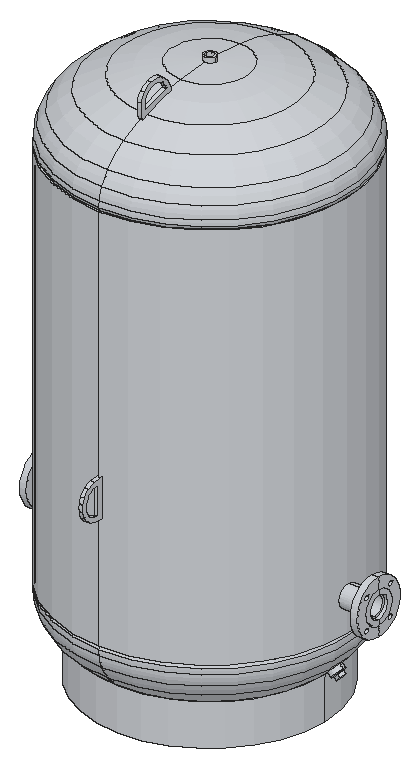
Revit family "CBT-300-2.5", category Generic Models, Revit 2014
Parameters (values of type "CBT-300-2.5")
  URL = "http://westank.com/"
  Tank Volume = 300.00 gal
  Part Number = 55360300
  Model = "CBT-300-2.5"
  Maximum Shipping Weight = 555 lbf
  Flange Connector Diameter = 2 1/2"
  Description = "Wessels ASME Chilled Water Buffer Tanks (CBT) are designed for chilled water systems with insufficient water volume capacity in relation to the chiller capacity."
  D = 14 1/4"
  C = 24"
  B = 72"
  A = 30"
Reference planes (in)
  plane 1 "Center (Front/Back)": y = 0
  plane 2: z = 0
  plane 3 "Center (Left/Right)": x = 0
  plane 4: through (12.55282, -180, 5.24135) normal (0.8192, 0, -0.5736)
  plane 5: x = -15
  plane 6: x = 15
  plane 7: z = 0
  plane 8: z = 72
  plane 9: y = 15
  plane 10: y = -15
  plane 11: x = -12
  plane 12: x = 12
  plane 13: z = 15.75
Forms (in)
  Revolve 1, solid
    sketch origin (0, -0.02461, 0) x (0, 1, 0) y (0, 0, 1)
      loop
        line (-17.97559, 11.40987) -> (-17.77585, 11.40987)
        arc (-17.77585, 11.40987) -> (-17.77901, 11.38745) -> (-17.78675, 11.36617) r 0.10832
        line (-17.78675, 11.36617) -> (-17.97559, 10.97899)
        arc (-17.97559, 10.97899) -> (-17.97692, 10.6034) -> (-17.93634, 10.23002) r 3.36112
        arc (-17.93634, 10.23002) -> (-17.83534, 9.45516) -> (-17.56075, 8.72359) r 3.4127
        arc (-17.56075, 8.72359) -> (-17.14884, 7.91952) -> (-16.63227, 7.17835) r 6.68364
        arc (-16.63227, 7.17835) -> (-15.41449, 5.9118) -> (-13.99078, 4.88214) r 9.83519
        arc (-13.99078, 4.88214) -> (-12.33964, 3.99029) -> (-10.62031, 3.23825) r 22.63963
        arc (-10.62031, 3.23825) -> (-7.74153, 2.33452) -> (-4.76815, 1.82164) r 22.63963
        arc (-4.76815, 1.82164) -> (-2.37465, 1.61295) -> (0.02461, 1.4865) r 70.02787
        line (0.02461, 1.4865) -> (0.02461, 1.65848)
        arc (0.02461, 1.65848) -> (-2.3657, 1.78462) -> (-4.75028, 1.99258) r 69.85599
        arc (-4.75028, 1.99258) -> (-7.70109, 2.50157) -> (-10.55801, 3.39844) r 22.46775
        arc (-10.55801, 3.39844) -> (-12.26429, 4.14477) -> (-13.9029, 5.02985) r 22.46775
        arc (-13.9029, 5.02985) -> (-15.30173, 6.04151) -> (-16.49823, 7.28593) r 9.66331
        arc (-16.49823, 7.28593) -> (-17.00303, 8.01057) -> (-17.40515, 8.79685) r 6.51177
        arc (-17.40515, 8.79685) -> (-17.66943, 9.50016) -> (-17.76465, 10.24543) r 3.24083
        arc (-17.76465, 10.24543) -> (-17.80397, 10.58906) -> (-17.80585, 10.93493) r 3.18924
        line (-17.80585, 10.93493) -> (-17.63227, 11.29083)
        arc (-17.63227, 11.29083) -> (-17.60804, 11.35818) -> (-17.59889, 11.42917) r 0.33041
        line (-17.59889, 11.42917) -> (-17.80365, 11.42917) -> (-17.80365, 62.07314) -> (-17.59889, 62.07314)
        arc (-17.59889, 62.07314) -> (-17.60804, 62.14413) -> (-17.63227, 62.21149) r 0.33041
        line (-17.63227, 62.21149) -> (-17.80585, 62.56739)
        arc (-17.80585, 62.56739) -> (-17.80397, 62.91325) -> (-17.76465, 63.25688) r 3.18924
        arc (-17.76465, 63.25688) -> (-17.66943, 64.00215) -> (-17.40515, 64.70547) r 3.24083
        arc (-17.40515, 64.70547) -> (-17.00303, 65.49175) -> (-16.49823, 66.21639) r 6.51177
        arc (-16.49823, 66.21639) -> (-15.30173, 67.4608) -> (-13.9029, 68.47247) r 9.66331
        arc (-13.9029, 68.47247) -> (-12.26429, 69.35755) -> (-10.55801, 70.10388) r 22.46775
        arc (-10.55801, 70.10388) -> (-7.70109, 71.00074) -> (-4.75028, 71.50973) r 22.46775
        arc (-4.75028, 71.50973) -> (-2.3657, 71.71769) -> (0.02461, 71.84383) r 69.85599
        line (0.02461, 71.84383) -> (0.02461, 72.01582)
        arc (0.02461, 72.01582) -> (-2.37465, 71.88936) -> (-4.76815, 71.68068) r 70.02787
        arc (-4.76815, 71.68068) -> (-7.74153, 71.16779) -> (-10.62031, 70.26407) r 22.63963
        arc (-10.62031, 70.26407) -> (-12.33964, 69.51203) -> (-13.99078, 68.62018) r 22.63963
        arc (-13.99078, 68.62018) -> (-15.41449, 67.59052) -> (-16.63227, 66.32397) r 9.83519
        arc (-16.63227, 66.32397) -> (-17.14884, 65.58279) -> (-17.56075, 64.77872) r 6.68364
        arc (-17.56075, 64.77872) -> (-17.83534, 64.04715) -> (-17.93634, 63.2723) r 3.4127
        arc (-17.93634, 63.2723) -> (-17.97692, 62.89891) -> (-17.97559, 62.52332) r 3.36112
        line (-17.97559, 62.52332) -> (-17.78675, 62.13614)
        arc (-17.78675, 62.13614) -> (-17.77901, 62.11486) -> (-17.77585, 62.09244) r 0.10832
        line (-17.77585, 62.09244) -> (-17.97559, 62.09244) -> (-17.97559, 11.40987)
      axis (0.02461, 1.4865) -> (0.02461, 72.01582)
    angle from 0 to 360
  Revolve 2, solid
    sketch origin (-3.00177, 0, 1.50063) x (-1, 0, 0) y (0, 0, 1)
      loop
        line (17.875, 12.8128) -> (17.875, 12.46883) -> (18.125, 12.46883) -> (18.125, 10.75084) -> (18.9375, 10.75084) -> (18.9375, 12.18553) -> (19, 12.18553) -> (19, 12.8128) -> (17.875, 12.8128)
      axis (19, 14.25013) -> (17.875, 14.25013)
    angle from 0 to 360
  Revolve 3, solid
    sketch origin (1.3363, 0, 3.22734) x (0.990227, 0, -0.139462) y (0.139462, 0, 0.990227)
      loop
        line (14.71753, 6.11956) -> (14.66586, 6.1556) -> (14.25436, 5.56561) -> (14.86992, 5.13627) -> (15.24588, 5.6753) -> (15.19462, 5.71106) -> (15.31904, 5.88945) -> (14.80641, 6.24699) -> (14.71753, 6.11956)
      axis (14.25436, 5.56561) -> (14.86992, 5.13627)
    angle from 0 to 360
  Extrusion 4, solid
    sketch origin (16.34383, -180, 7.28207) x (0.680558, 0, 0.732695) y (0, -1, 0)
      loop
        line (-0.16036, -179.52645) -> (-0.95521, -179.68698) -> (-0.79485, -180.48095) -> (0, -180.32042) -> (-0.16036, -179.52645)
    from 1.02698 to 1.52678
  Extrusion 5, solid
    sketch origin (0, -6.04905, 4.9833) x (0, 1, 0) y (0, 0, 1)
      loop
        line (-11.93439, 21.33067) -> (-11.93439, 26.202)
        arc (-11.93439, 26.202) -> (-12.47846, 26.15164) -> (-13.01533, 26.05008) r 5.77422
        arc (-13.01533, 26.05008) -> (-13.49297, 25.89754) -> (-13.94252, 25.67548) r 3.35288
        arc (-13.94252, 25.67548) -> (-14.34081, 25.36666) -> (-14.64962, 24.96837) r 2.0073
        arc (-14.64962, 24.96837) -> (-14.80343, 24.58932) -> (-14.88788, 24.18906) r 2.30742
        arc (-14.88788, 24.18906) -> (-14.91277, 23.77188) -> (-14.88788, 23.3547) r 3.50846
        arc (-14.88788, 23.3547) -> (-14.79412, 22.92876) -> (-14.61961, 22.52904) r 2.24053
        arc (-14.61961, 22.52904) -> (-14.27401, 22.08806) -> (-13.80999, 21.77406) r 1.8078
        arc (-13.80999, 21.77406) -> (-13.34321, 21.55591) -> (-12.84107, 21.44044) r 2.44481
        arc (-12.84107, 21.44044) -> (-12.39043, 21.36326) -> (-11.93439, 21.33067) r 4.65484
      loop
        arc (-12.44611, 25.63929) -> (-12.67227, 25.60073) -> (-12.89654, 25.55235) r 5.2625
        arc (-12.89654, 25.55235) -> (-13.30128, 25.42308) -> (-13.68221, 25.23491) r 2.84116
        arc (-13.68221, 25.23491) -> (-13.97364, 25.01013) -> (-14.20134, 24.72098) r 1.49558
        arc (-14.20134, 24.72098) -> (-14.3163, 24.43235) -> (-14.37979, 24.12821) r 1.7957
        arc (-14.37979, 24.12821) -> (-14.40106, 23.77188) -> (-14.37979, 23.41555) r 2.99674
        arc (-14.37979, 23.41555) -> (-14.30745, 23.08689) -> (-14.17279, 22.77846) r 1.72881
        arc (-14.17279, 22.77846) -> (-13.91552, 22.45353) -> (-13.56884, 22.22643) r 1.29608
        arc (-13.56884, 22.22643) -> (-13.1779, 22.0402) -> (-12.75531, 21.94566) r 1.9331
        arc (-12.75531, 21.94566) -> (-12.60126, 21.91347) -> (-12.44611, 21.88716) r 4.14312
        line (-12.44611, 21.88716) -> (-12.44611, 25.63929)
    from -0.24366 to 0.25634
  Extrusion 6, solid
    sketch origin (0, -28.53332, 53.09576) x (0, 0.284015, -0.95882) y (0, 0.95882, 0.284015)
      loop
        arc (-11.9298, 25.67102) -> (-12.15596, 25.63246) -> (-12.38023, 25.58408) r 5.2625
        arc (-12.38023, 25.58408) -> (-12.78497, 25.45482) -> (-13.16591, 25.26664) r 2.84116
        arc (-13.16591, 25.26664) -> (-13.45733, 25.04186) -> (-13.68503, 24.75271) r 1.49558
        arc (-13.68503, 24.75271) -> (-13.8, 24.46408) -> (-13.86349, 24.15994) r 1.7957
        arc (-13.86349, 24.15994) -> (-13.88475, 23.80361) -> (-13.86349, 23.44728) r 2.99674
        arc (-13.86349, 23.44728) -> (-13.79114, 23.11862) -> (-13.65649, 22.81019) r 1.72881
        arc (-13.65649, 22.81019) -> (-13.39922, 22.48527) -> (-13.05253, 22.25816) r 1.29608
        arc (-13.05253, 22.25816) -> (-12.66159, 22.07193) -> (-12.239, 21.97739) r 1.9331
        arc (-12.239, 21.97739) -> (-12.08496, 21.94521) -> (-11.9298, 21.91889) r 4.14312
        line (-11.9298, 21.91889) -> (-11.9298, 25.67102)
      loop
        line (-10.9298, 21.34797) -> (-10.9298, 26.14148)
        arc (-10.9298, 26.14148) -> (-11.99706, 26.18465) -> (-13.02719, 25.90227) r 3.48194
        arc (-13.02719, 25.90227) -> (-13.54727, 25.6041) -> (-13.99851, 25.20943) r 3.03185
        arc (-13.99851, 25.20943) -> (-14.28248, 24.55653) -> (-14.39992, 23.8543) r 2.91879
        arc (-14.39992, 23.8543) -> (-14.3348, 23.1787) -> (-14.08611, 22.54717) r 2.44012
        arc (-14.08611, 22.54717) -> (-13.716, 22.08641) -> (-13.21844, 21.76749) r 1.83162
        arc (-13.21844, 21.76749) -> (-12.09799, 21.42749) -> (-10.9298, 21.34797) r 5.1769
    from -0.24366 to 0.25634
  Extrusion 7, solid
    sketch origin (0, 0, 0) x (1, 0, 0) y (0, 1, 0)
      loop
        circle (0, 0) r 0.75
      loop
        circle (0, 0) r 0.5
    from 71.36613 to 72.49354
  Extrusion 8, void
    sketch origin (-3.60333, 0.13917, 1.92009) x (0, 1, 0) y (0, 0, -1)
      loop
        circle (1.8034, -15.77799) r 0.37532
      loop
        circle (1.8034, -11.89562) r 0.37532
      loop
        circle (-2.08174, -15.77799) r 0.37532
      loop
        circle (-2.08174, -11.89562) r 0.37532
    from 15.80097 to 20.25
  Extrusion 9, void
    sketch origin (0, 0, 0) x (1, 0, 0) y (0, 1, 0)
      loop
        circle (0, 0) r 0.5
    from 70.90268 to 73.75579
  Revolve 10, solid
    sketch origin (0, 0, 0) x (1, 0, 0) y (0, 0, 1)
      loop
        line (14.82824, 5.43485) -> (14.82824, 0) -> (15, 0) -> (15, 5.43485) -> (14.82824, 5.43485)
      axis (0, 5.43485) -> (0, 0)
    angle from 0 to 360
  Revolve 11, solid
    sketch origin (-3.60333, 0, 1.50258) x (1, 0, 0) y (0, 0, 1)
      loop
        line (-13.64801, 13.0156) -> (-17.87908, 13.0156) -> (-17.87908, 12.81248) -> (-13.64801, 12.81248) -> (-13.64801, 13.0156)
      axis (-17.87908, 14.25013) -> (-13.64801, 14.25013)
    angle from 0 to 360
  Extrusion 12, void
    sketch origin (0, 0, 0.25) x (0, 1, 0) y (0, 0, 1)
      loop
        circle (0, 15.50272) r 1.23453
    from -18.86806 to 18.76515
  Revolve 13, solid
    sketch origin (3.00177, 0, 1.50063) x (1, 0, 0) y (0, 0, 1)
      loop
        line (17.875, 12.8128) -> (17.875, 12.46883) -> (18.125, 12.46883) -> (18.125, 10.75084) -> (18.9375, 10.75084) -> (18.9375, 12.18553) -> (19, 12.18553) -> (19, 12.8128) -> (17.875, 12.8128)
      axis (19, 14.25013) -> (17.875, 14.25013)
    angle from 0 to 360
  Extrusion 14, void
    sketch origin (3.60333, 0.13917, 1.92009) x (0, 1, 0) y (0, 0, 1)
      loop
        circle (1.8034, 15.77799) r 0.37532
      loop
        circle (1.8034, 11.89562) r 0.37532
      loop
        circle (-2.08174, 15.77799) r 0.37532
      loop
        circle (-2.08174, 11.89562) r 0.37532
    from 15.80097 to 20.25
  Revolve 15, solid
    sketch origin (3.60333, 0, 1.50258) x (-1, 0, 0) y (0, 0, 1)
      loop
        line (-13.64801, 13.0156) -> (-17.89511, 13.0156) -> (-17.89511, 12.81248) -> (-13.64801, 12.81248) -> (-13.64801, 13.0156)
      axis (-17.89511, 14.25013) -> (-13.64801, 14.25013)
    angle from 0 to 360
Cuts and joins
  joined: Extrusion 4, Extrusion 5, Extrusion 6, Extrusion 7, Revolve 10
  Extrusion 9, Extrusion 12 cuts Revolve 1
  Extrusion 8, Extrusion 14 cuts Revolve 2
  Extrusion 14 cuts Revolve 13
Dimensions and locks (in)
  equal spacing: plane 6, plane 3 "Center (Left/Right)", plane 5
  "A": plane 6 to plane 5
  "B": plane 8 to level
  equal spacing: plane 9, plane 1 "Center (Front/Back)", plane 10
  "A": plane 9 to plane 10
  equal spacing: plane 12, plane 3 "Center (Left/Right)", plane 11
  "C": plane 12 to plane 11
  plane 13 to level = 15 3/4"
  aligned and locked: plane 2 to level
  aligned and locked: Revolve 10 sketch curve to plane 3 "Center (Left/Right)"
Automatic sketch dimensions
  Revolve 1 sketch curve to Revolve 1 sketch curve = 0"  (x56)
  Revolve 1 sketch curve to plane 1 "Center (Front/Back)" = 0"  (x3)
  plane 1 "Center (Front/Back)" to Revolve 1 sketch curve = 2.43969"  (x2)
  Revolve 1 sketch curve to plane 13 = 2.41549"
  Revolve 1 sketch curve to plane 10 = 6.01337"  (x2)
  Revolve 1 sketch curve to Revolve 1 sketch curve = 2.45782"  (x2)
  Revolve 1 sketch curve to plane 10 = 0.45138"  (x2)
  Revolve 1 sketch curve to plane 10 = 0.35499"  (x2)
  plane 10 to Revolve 1 sketch curve = 2.6235"  (x2)
  Revolve 1 sketch curve to Revolve 1 sketch curve = 0.03338"  (x2)
  Revolve 1 sketch curve to Revolve 1 sketch curve = 0.17696"  (x2)
  Revolve 1 sketch curve to Revolve 1 sketch curve = 0.0109"  (x2)
  Revolve 1 sketch curve to Revolve 1 sketch curve = 0.0278"
  Revolve 1 sketch curve to Revolve 1 sketch curve = 0.17358"  (x2)
  Revolve 1 sketch curve to Revolve 1 sketch curve = 0.08045"  (x2)
  Revolve 1 sketch curve to Revolve 1 sketch curve = 0.04514"  (x2)
  Revolve 1 sketch curve to Revolve 1 sketch curve = 0.04635"
  Revolve 1 sketch curve to Revolve 1 sketch curve = 0.16974"  (x2)
  Revolve 1 sketch curve to plane 8 = 0.52976"
  Revolve 1 sketch curve to plane 1 "Center (Front/Back)" = 2.48565"  (x2)
  Revolve 1 sketch curve to plane 13 = 4.31433"
  Revolve 1 sketch curve to Revolve 1 sketch curve = 0.0065"  (x2)
  Revolve 1 sketch curve to Revolve 1 sketch curve = 0.02202"  (x2)
  Revolve 1 sketch curve to Revolve 1 sketch curve = 0.0258"  (x2)
  Revolve 1 sketch curve to Revolve 1 sketch curve = 1 249/256"  (x2)
  Revolve 1 sketch curve to Revolve 1 sketch curve = 0.38718"  (x2)
  Revolve 1 sketch curve to Revolve 1 sketch curve = 0.04406"  (x2)
  Revolve 1 sketch curve to Revolve 1 sketch curve = 0.64986"  (x2)
  Revolve 1 sketch curve to Revolve 1 sketch curve = 0.49854"  (x2)
  level to Revolve 1 sketch curve = 2.03208"
  level to Revolve 1 sketch curve = 1.65848"
  Revolve 1 sketch curve to Revolve 1 sketch curve = 0.17198"
  plane 13 to Revolve 1 sketch curve = 8.58865"
  Revolve 1 sketch curve to plane 8 = 22.83634"
  Revolve 1 sketch curve to plane 8 = 11.83219"
  Revolve 1 sketch curve to Revolve 1 sketch curve = 1.89884"
  Revolve 1 sketch curve to plane 8 = 0.15617"
  plane 8 to Revolve 1 sketch curve = 0.01582"
  Revolve 1 sketch curve to plane 8 = 1.89612"
  level to Revolve 1 sketch curve = 3 51/128"
  Revolve 1 sketch curve to Revolve 1 sketch curve = 0.06229"  (x2)
  Revolve 1 sketch curve to Revolve 1 sketch curve = 0.90692"  (x2)
  Revolve 1 sketch curve to Revolve 1 sketch curve = 0.1556"  (x2)
  Revolve 1 sketch curve to Revolve 1 sketch curve = 4.55443"
  Revolve 1 sketch curve to Revolve 1 sketch curve = 3 3/4"
  plane 13 to Revolve 2 sketch curve = 1.78054"
  plane 5 to Revolve 2 sketch curve = 5.87677"
  Revolve 2 sketch curve to Revolve 2 sketch curve = 1/4"
  Revolve 2 sketch curve to Revolve 2 sketch curve = 13/16"
  Revolve 2 sketch curve to Revolve 2 sketch curve = 1/16"
  Revolve 2 sketch curve to Revolve 2 sketch curve = 0.2833"
  Revolve 2 sketch curve to Revolve 2 sketch curve = 1.43469"
  Revolve 2 sketch curve to Revolve 2 sketch curve = 0.34397"
  Revolve 2 sketch curve to plane 13 = 0.00076"
  plane 5 to Revolve 2 sketch curve = 2.33256"
  Revolve 2 sketch curve to Revolve 2 sketch curve = 0.68278"
  Extrusion 5 sketch curve to Extrusion 5 sketch curve = 0"  (x24)
  plane 10 to Extrusion 5 sketch curve = 4.09014"
  Extrusion 5 sketch curve to Extrusion 5 sketch curve = 0.11966"
  Extrusion 5 sketch curve to Extrusion 5 sketch curve = 0.25819"
  Extrusion 5 sketch curve to Extrusion 5 sketch curve = 17/256"
  Extrusion 5 sketch curve to Extrusion 5 sketch curve = 0.04958"
  Extrusion 5 sketch curve to Extrusion 5 sketch curve = 0.15073"
  Extrusion 5 sketch curve to Extrusion 5 sketch curve = 0.20915"
  Extrusion 5 sketch curve to Extrusion 5 sketch curve = 131/256"
  Extrusion 5 sketch curve to Extrusion 5 sketch curve = 0.10338"
  Extrusion 5 sketch curve to Extrusion 5 sketch curve = 0.25955"
  Extrusion 5 sketch curve to Extrusion 5 sketch curve = 1.14294"
  plane 13 to Extrusion 5 sketch curve = 9.66692"
  Extrusion 5 sketch curve to Extrusion 5 sketch curve = 0.89706"
  Extrusion 5 sketch curve to Extrusion 5 sketch curve = 0.55648"
  Extrusion 5 sketch curve to Extrusion 5 sketch curve = 0.90165"
  Extrusion 5 sketch curve to Extrusion 5 sketch curve = 0.62139"
  Extrusion 5 sketch curve to Extrusion 5 sketch curve = 27/128"
  Extrusion 5 sketch curve to Extrusion 5 sketch curve = 0.15076"
  Extrusion 5 sketch curve to Extrusion 5 sketch curve = 0.24641"
  Extrusion 5 sketch curve to Extrusion 5 sketch curve = 0.04716"
  Extrusion 5 sketch curve to Extrusion 5 sketch curve = 0.0326"
  Extrusion 5 sketch curve to Extrusion 5 sketch curve = 1.7246"
  Extrusion 5 sketch curve to Extrusion 5 sketch curve = 0.34507"
  Extrusion 5 sketch curve to Extrusion 5 sketch curve = 0.21764"
  Extrusion 5 sketch curve to Extrusion 5 sketch curve = 1.12273"
  Extrusion 5 sketch curve to Extrusion 5 sketch curve = 0.78568"
  Extrusion 5 sketch curve to Extrusion 5 sketch curve = 0.24115"
  Extrusion 5 sketch curve to Extrusion 5 sketch curve = 0.2603"
  Extrusion 5 sketch curve to Extrusion 5 sketch curve = 0.60395"
  Extrusion 5 sketch curve to Extrusion 5 sketch curve = 0.51913"
  Extrusion 5 sketch curve to Extrusion 5 sketch curve = 0.44682"
  Extrusion 5 sketch curve to Extrusion 5 sketch curve = 0.44829"
  Extrusion 7 sketch curve to Extrusion 7 sketch curve = 0"  (x2)
  plane 1 "Center (Front/Back)" to Extrusion 7 sketch curve = 0"
  Extrusion 7 sketch curve to plane 3 "Center (Left/Right)" = 0"
  plane 1 "Center (Front/Back)" to Extrusion 8 sketch curve = 1.94257"  (x2)
  Extrusion 8 sketch curve to plane 1 "Center (Front/Back)" = 1.94257"  (x2)
  plane 13 to Extrusion 8 sketch curve = 1.94809"  (x2)
  Extrusion 8 sketch curve to plane 13 = 1.93428"  (x2)
  Extrusion 9 sketch curve to Extrusion 9 sketch curve = 0"  (x2)
  plane 1 "Center (Front/Back)" to Extrusion 9 sketch curve = 0"
  Extrusion 9 sketch curve to plane 3 "Center (Left/Right)" = 0"
  Extrusion 9 sketch curve to plane 3 "Center (Left/Right)" = 1/2"
  Revolve 10 sketch curve to level = 0"
  Revolve 10 sketch curve to plane 6 = 0"
  Revolve 10 sketch curve to plane 6 = 0.17176"
  level to Revolve 10 sketch curve = 5.43485"
  level to Revolve 10 sketch curve = 4.69941"
  Revolve 10 sketch curve to Revolve 10 sketch curve = 1"
  Revolve 11 sketch curve to plane 13 = 1.43494"
  Revolve 11 sketch curve to plane 5 = 6.48242"
  Revolve 11 sketch curve to plane 5 = 2.25134"
  Revolve 11 sketch curve to Revolve 11 sketch curve = 13/64"
  plane 13 to Revolve 11 sketch curve = 0.00272"
  Revolve 11 sketch curve to Revolve 11 sketch curve = 0.83714"
  Revolve 11 sketch curve to Revolve 11 sketch curve = 0.36015"
  Revolve 13 sketch curve to plane 13 = 1.78054"
  plane 6 to Revolve 13 sketch curve = 5.87677"
  Revolve 13 sketch curve to Revolve 13 sketch curve = 1/4"
  Revolve 13 sketch curve to Revolve 13 sketch curve = 13/16"
  Revolve 13 sketch curve to Revolve 13 sketch curve = 1/16"
  Revolve 13 sketch curve to Revolve 13 sketch curve = 0.2833"
  Revolve 13 sketch curve to Revolve 13 sketch curve = 1.43469"
  Revolve 13 sketch curve to Revolve 13 sketch curve = 0.34397"
  plane 13 to Revolve 13 sketch curve = 0.00076"
  plane 6 to Revolve 13 sketch curve = 2.33256"
  Revolve 13 sketch curve to Revolve 13 sketch curve = 0.68278"
  plane 1 "Center (Front/Back)" to Extrusion 14 sketch curve = 1.94257"  (x2)
  Extrusion 14 sketch curve to plane 1 "Center (Front/Back)" = 1.94257"  (x2)
  Extrusion 14 sketch curve to plane 13 = 1.93428"  (x2)
  plane 13 to Extrusion 14 sketch curve = 1.94809"  (x2)
  plane 13 to Revolve 15 sketch curve = 1.43494"
  Revolve 15 sketch curve to plane 6 = 6.49844"
  Revolve 15 sketch curve to plane 6 = 2.25134"
  Revolve 15 sketch curve to Revolve 15 sketch curve = 13/64"
  Revolve 15 sketch curve to plane 13 = 0.00272"
  Revolve 15 sketch curve to Revolve 15 sketch curve = 0.83714"
  Revolve 15 sketch curve to Revolve 15 sketch curve = 0.36015"
  Extrusion 12 sketch curve to Extrusion 12 sketch curve = 0"  (x2)
  Extrusion 12 sketch curve to plane 1 "Center (Front/Back)" = 0"
  plane 13 to Extrusion 12 sketch curve = 0.00272"
  Extrusion 12 sketch curve to plane 13 = 1.23182"
  plane 6 to Revolve 3 sketch curve = 1.22755"
  plane 4 to Revolve 3 sketch curve = 2.14448"
  Revolve 3 sketch curve to Revolve 3 sketch curve = 0.4115"
  Revolve 3 sketch curve to Revolve 3 sketch curve = 0.05167"
  Revolve 3 sketch curve to Revolve 3 sketch curve = 0.08888"
  Revolve 3 sketch curve to Revolve 3 sketch curve = 0.61556"
  Revolve 3 sketch curve to Revolve 3 sketch curve = 0.47709"
  Revolve 3 sketch curve to Revolve 3 sketch curve = 0.05126"
  Revolve 3 sketch curve to Revolve 3 sketch curve = 0.42934"
  Revolve 3 sketch curve to Revolve 3 sketch curve = 0.12768"
  Revolve 3 sketch curve to Revolve 3 sketch curve = 0"  (x2)
  Revolve 3 sketch curve to Revolve 3 sketch curve = 0.08905"
  plane 1 "Center (Front/Back)" to Extrusion 4 sketch curve = 0.31302"
  Extrusion 4 sketch curve to plane 1 "Center (Front/Back)" = 0.48095"
  Extrusion 4 sketch curve to Extrusion 4 sketch curve = 0.16036"  (x2)
  plane 1 "Center (Front/Back)" to Extrusion 4 sketch curve = 0.47355"
  Extrusion 4 sketch curve to Extrusion 4 sketch curve = 0.79485"
  Extrusion 4 sketch curve to plane 1 "Center (Front/Back)" = 0.32042"
  Extrusion 6 sketch curve to plane 8 = 0.23736"
  Extrusion 6 sketch curve to plane 10 = 5.38603"
  Extrusion 6 sketch curve to Extrusion 6 sketch curve = 0.03301"
  Extrusion 6 sketch curve to Extrusion 6 sketch curve = 0.08665"
  Extrusion 6 sketch curve to Extrusion 6 sketch curve = 0.34483"
  Extrusion 6 sketch curve to Extrusion 6 sketch curve = 17/256"
  Extrusion 6 sketch curve to Extrusion 6 sketch curve = 0.04958"
  Extrusion 6 sketch curve to Extrusion 6 sketch curve = 0.06885"
  Extrusion 6 sketch curve to Extrusion 6 sketch curve = 0.15073"
  Extrusion 6 sketch curve to Extrusion 6 sketch curve = 0.36028"
  Extrusion 6 sketch curve to Extrusion 6 sketch curve = 0.06601"
  Extrusion 6 sketch curve to Extrusion 6 sketch curve = 0.11815"
  Extrusion 6 sketch curve to Extrusion 6 sketch curve = 0.47821"
  Extrusion 6 sketch curve to Extrusion 6 sketch curve = 0.6151"
  Extrusion 6 sketch curve to Extrusion 6 sketch curve = 0.15011"
  Extrusion 6 sketch curve to Extrusion 6 sketch curve = 0.77126"
  Extrusion 6 sketch curve to Extrusion 6 sketch curve = 0.3849"
  Extrusion 6 sketch curve to Extrusion 6 sketch curve = 0.59588"
  Extrusion 6 sketch curve to Extrusion 6 sketch curve = 0.3061"
  Extrusion 6 sketch curve to Extrusion 6 sketch curve = 0.31529"
  Extrusion 6 sketch curve to Extrusion 6 sketch curve = 0.0954"
  Extrusion 6 sketch curve to Extrusion 6 sketch curve = 0.80625"
  Extrusion 6 sketch curve to Extrusion 6 sketch curve = 0.57092"
  Extrusion 6 sketch curve to Extrusion 6 sketch curve = 0.88262"
  Extrusion 6 sketch curve to Extrusion 6 sketch curve = 0.00686"
  Extrusion 6 sketch curve to Extrusion 6 sketch curve = 0.20406"
  Extrusion 6 sketch curve to Extrusion 6 sketch curve = 0.59172"
  Extrusion 6 sketch curve to Extrusion 6 sketch curve = 0.09548"
  Extrusion 6 sketch curve to Extrusion 6 sketch curve = 0.07607"
  Extrusion 6 sketch curve to Extrusion 6 sketch curve = 0.15093"
  Extrusion 6 sketch curve to Extrusion 6 sketch curve = 0.04716"
  Extrusion 6 sketch curve to Extrusion 6 sketch curve = 0.0326"
  Extrusion 6 sketch curve to Extrusion 6 sketch curve = 1.7246"
  Extrusion 6 sketch curve to Extrusion 6 sketch curve = 0.34507"
  Extrusion 6 sketch curve to Extrusion 6 sketch curve = 0.12538"
  Extrusion 6 sketch curve to Extrusion 6 sketch curve = 0.37807"
  Extrusion 6 sketch curve to Extrusion 6 sketch curve = 0"  (x6)
  Extrusion 6 sketch curve to Extrusion 6 sketch curve = 0.1659"
  Extrusion 6 sketch curve to Extrusion 6 sketch curve = 0.13872"
  Extrusion 6 sketch curve to Extrusion 6 sketch curve = 0.42962"
  Extrusion 6 sketch curve to Extrusion 6 sketch curve = 0.51913"
  Extrusion 6 sketch curve to Extrusion 6 sketch curve = 0.31348"
  radius of Extrusion 7 sketch curve = 3/4"
  radius of Extrusion 7 sketch curve = 1/2"
  radius of Extrusion 8 sketch curve = 0.37532"  (x4)
  radius of Extrusion 14 sketch curve = 0.37532"  (x4)
Connectors (in)
  piping at (-22.00177, 0, 15.75076), diameter 2.5, driven by "Flange Connector Diameter"
    settings: on Revolve 2, index 1, connector inside diameter 24", connector length 0", flow factor 0, pipe flow 0 GPM, pressure drop 0.00 psi, fitting loss kfactor 0, connector angle 0.00°, fixture units 0, engagement length 0", angle of deflection 0.00°, flow configuration 0, flow direction 0, fitting loss method 0, system type 7, joint type 0, gender type 0, connector reference index 2, connector utility 0, adjustable connector no, is connector primary yes, connector description ""
  piping at (22.00177, 0, 15.75076), diameter 2.5, driven by "Flange Connector Diameter"
    settings: on Revolve 13, index 2, connector inside diameter 24", connector length 0", flow factor 0, pipe flow 0 GPM, pressure drop 0.00 psi, fitting loss kfactor 0, connector angle 0.00°, fixture units 0, engagement length 0", angle of deflection 0.00°, flow configuration 0, flow direction 0, fitting loss method 0, system type 7, joint type 0, gender type 0, connector reference index 1, connector utility 0, adjustable connector no, is connector primary no, connector description ""
